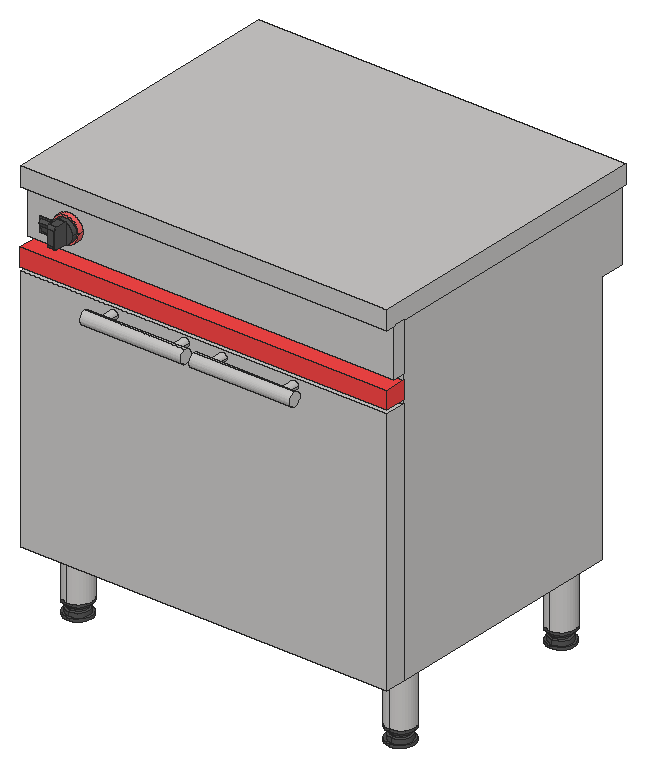
Revit family "ADB Armoire chaude CME 801 CA", category Equipement spécialisé, Revit 2022
Family settings
  Cote de connecteur circulaire = Utiliser le diamètre
  Type d'élément = Normal
  Numéro OmniClass = 23.40.40.14.17.11
  Titre OmniClass = Cookers, Ovens, Stoves
  Basée sur le plan de construction = Non
  Toujours verticalement = Oui
  Couper avec des vides une fois chargée = Non
  Conserver l'orientation des annotations = Non
  Partagée = Non
  Repère de localisation dans la pièce = Non
Parameters (values of type "CME 801 CA")
  URL catalogue = "https://www.ambassade-de-bourgogne.com/fr/produits/armoires/Resources/N42-CME_801_CA.pdf"
  URL = "https://www.ambassade-de-bourgogne.com/fr/produits/armoires/Resources/N42-CME_801_CA.pdf"
  Type de Raccord Electrique [instance] = "Bornier 40A"  # constant formula
  Type article = ""
  Tension [instance] = 230 V  # constant formula
  Spécification du Fabricant = ""
  Remarques Electricité [instance] = "230V(MONO) commutable 400V(TRI)"
  Puissance électrique = 1900 W
  Profondeur [instance] = 705 mm + if(Dosseret DSA 800, 50 mm, 0 mm)  # 705 mm
  Poids net à vide [instance] = 80.00 kg + if(Dosseret DSA 800, 1.00 kg, 0.00 kg)  # 80.00 kg
  Phase [instance] = 1  # constant formula
  Nombres de Pôles [instance] = Phase  # 1
  Modèle = "CME 801 CA"
  Longueur [instance] = 800 mm  # constant formula
  Intensité nominale [instance] = Puissance électrique / (230 V * Phase)  # 8.26087 A
  Hauteur [instance] = 900 mm + if(Dosseret DSA 800, 100 mm, 0 mm)  # 900 mm
  Fréquence [instance] = 50 Hz  # constant formula
  Fabricant = "Société Industrielle de Lacanche"  # constant formula
  Elévation par défaut = 0 mm
  Echelles ECH 808 [instance] = no
  Dosseret DSA 800 [instance] = no
  Dosseret [instance] = if(Dosseret DSA 800, 50 mm, 0 mm)  # 0 mm
  Description = "Armoire chaude"
  Connecteurs [instance] = yes
  Commentaires du type = "Gamme Ambassade - Armoire chaude"
  D = 750 mm  # constant formula
  C = 400 mm  # constant formula
Reference planes
  plane 1 "Centre (avant/arrière)": y = 0
  plane 2: z = 0
  plane 3 "Centre (gauche/droite)": x = 0
  plane 4 "gauche": x = -400
  plane 5 "droite": x = 400
  plane 6 "fond de meuble": y = 325
  plane 7 "avant": y = -325
  plane 8 "arrière": y = 325
  plane 9: z = 900
  plane 10: x = 0
  plane 11: z = 750
  plane 12: x = 350
  plane 13: z = 810
  plane 14: y = -380
Forms (mm)
  Extrusion 1, solid, material "ADB_Network_Electricity_Yellow", visible <- "Connecteurs", detail levels medium+fine
    sketch origin (400, 315, 707) x (-1, 0, 0) y (0, 0, 1)
      loop
        circle (400, 43) r 10
    from 0 to 10
  Extrusion 2, solid, detail levels coarse
    sketch origin (0, 0, 0) x (1, 0, 0) y (0, 1, 0)
      loop
        line (-400, 325) -> (-400, -380) -> (400, -380) -> (400, 325) -> (-400, 325)
    from 0 to 900 <- "Hauteur"
  Extrusion 3, solid, material "ADB_Plastic-Black", detail levels fine
    sketch origin (-19, -306, 844.8) x (-1, 0, 0) y (0, 0, -1)
      loop
        line (352.5, 39.5) -> (352.5, 71.3) -> (327.5, 71.3) -> (327.5, 39.5) -> (352.5, 39.5)
    from 0 to 2
  Extrusion 4, solid, material "ADB_Plastic-Black", detail levels fine
    sketch origin (-319, 0, 0) x (0, 1, 0) y (0, 0, 1)
      loop
        line (-308, 802.032) -> (-315.045, 796.027) -> (-309.906, 787.126) -> (-308, 777) -> (-308, 802.032)
    from -49.5 to -30.5
Dimensions and locks
  equal spacing: plane 5 "droite", plane 3 "Centre (gauche/droite)", plane 4 "gauche"
  "Longueur": plane 5 "droite" to plane 4 "gauche"
  plane 6 "fond de meuble" to plane 7 "avant" = 650 mm
  locked: plane 7 "avant" to plane 1 "Centre (avant/arrière)" at 325
  "Dosseret": plane 8 "arrière" to plane 6 "fond de meuble"
  "Hauteur": plane 9 to plane 2
  "D": plane 2 to plane 11
  "C": plane 5 "droite" to plane 10
  plane 12 to plane 5 "droite" = 50 mm
  plane 2 to plane 13 = 810 mm
  "Profondeur": plane 8 "arrière" to plane 14
  aligned and locked: level to plane 2
  aligned and locked: plane 3 "Centre (gauche/droite)" to nested 1
  aligned and locked: Extrusion 1 sketch curve to plane 10
  aligned and locked: plane 11 to Extrusion 1 sketch curve
  aligned and locked: plane 8 "arrière" to Extrusion 2
  aligned and locked: Extrusion 2 to plane 14
Automatic sketch dimensions
  Extrusion 2 sketch curve to plane 4 "gauche" = 0 mm
  Extrusion 2 sketch curve to plane 5 "droite" = 0 mm
  Extrusion 2 sketch curve to plane 7 "avant" = 55 mm
  plane 6 "fond de meuble" to Extrusion 2 sketch curve = 0 mm
  Extrusion 3 sketch curve to plane 13 = 4.7 mm
  plane 4 "gauche" to Extrusion 3 sketch curve = 53.5 mm
  Extrusion 3 sketch curve to plane 11 = 23.5 mm
  Extrusion 3 sketch curve to Extrusion 3 sketch curve = 25 mm
  plane 7 "avant" to Extrusion 4 sketch curve = 9.955 mm
  Extrusion 4 sketch curve to Extrusion 4 sketch curve = 5.139 mm
  Extrusion 4 sketch curve to Extrusion 4 sketch curve = 1.906 mm
  Extrusion 4 sketch curve to plane 11 = 27 mm
  Extrusion 4 sketch curve to Extrusion 4 sketch curve = 10.126 mm
  Extrusion 4 sketch curve to Extrusion 4 sketch curve = 8.901 mm
  Extrusion 4 sketch curve to Extrusion 4 sketch curve = 6.005 mm
  radius of Extrusion 1 sketch curve = 10 mm
Nested families
  nested 1: "Soubassement armoire" at (0, 0, 0), Dosseret <- "Dosseret DSA 800", Ech 808 <- "Echelles ECH 808", type "1 armoire", detail levels medium+fine
    with Profondeur 703 mm, Porte inversée no, Porte yes, Longueur 800 mm, Hauteur 900 mm, Encombrement Porte standard yes, Encombrement Porte inversée no, Echelle yes, Ech 808 no, Décalage poignée 395.5 mm, Dosseret no
  nested 2: "Bouton" at (-309, -306, 804.565) x (1, 0, 0) z (0, -1, 0), type "Bouton", detail levels fine
Connectors
  electrical at (0, 315, 750), driven by "Nombres de Pôles", driven by "Tension", driven by "Puissance électrique"
    settings: on Extrusion 1, index 1, voltage 230 V, apparent load 1900 VA, apparent load phase1 0 VA, apparent load phase2 0 VA, apparent load phase3 0 VA, power factor 1, load classification "Autre", number of poles 1, system type 30, power factor state 1, is connector primary yes, connector utility no, sub classification motor no, connector description ""
Definition of nested family "Soubassement armoire"
  Parameters (values of type "1 armoire")
    Profondeur produit = 650 mm
    Profondeur baie libre = if(Baie libre, Profondeur produit - 68 mm, 1 mm)  # 582 mm
    Porte inversée [instance] = no
    Longueur poignée = 229 mm  # constant formula
    Encombrement Porte inversée [instance] = and(Porte, Porte inversée)  # no
    Encombrement Porte standard [instance] = and(Porte, not(Porte inversée))  # no
    Porte [instance] = no
    Profondeur [instance] = Profondeur produit + if(Dosseret, 50 mm, 0 mm) + 53 mm  # 703 mm
    Longueur produit = 800 mm
    Longueur [instance] = Longueur produit  # 800 mm
    Hauteur produit = 900 mm
    Hauteur [instance] = Hauteur produit + if(Dosseret, 100 mm, 0 mm)  # 900 mm
    Default Elevation = 0 mm
    Echelle [instance] = yes
    Ech 808 [instance] = yes
    Décalage poignée [instance] = if(Porte inversée, Longueur, 395.5 mm)  # 395.5 mm
    Dosseret [instance] = no
    Baie libre = yes
  Reference planes
    plane 1 "Centre (avant/arrière)": y = 0
    plane 2: z = 0
    plane 3 "Centre (gauche/droite)": x = 0
    plane 4 "Gauche": x = -400
    plane 5 "Arrière": y = 325
    plane 6 "Droite": x = 400
    plane 7 "Avant": y = -325
    plane 8 "dessous meuble": z = 155
    plane 9 "Dessus de plan": z = 900
    plane 10 "Baguette coloré": z = 696
    plane 11 "dessous plan": z = 860
    plane 12 "Face": y = -280
    plane 13 "commande": z = 755
    plane 14 "dessus dosseret": z = 900
    plane 15: y = -377.967
    plane 16: y = 325.033
    plane 17 "Baguette colorë": y = -780
    plane 18: x = -4.5
    plane 19: x = -343.25
    plane 20: x = 343.25
  Forms (mm)
    Extrusion 1, solid, visible <- "Porte", detail levels medium+fine
      sketch origin (-400, 0, 0) x (0, 1, 0) y (0, 0, 1)
        loop
          line (-325, 155) -> (-280, 155) -> (-280, 696) -> (-325, 696) -> (-325, 155)
      from 0 to 800 <- "Longueur"
    Extrusion 2, solid, detail levels medium+fine
      sketch origin (-400, 0, 0) x (0, 1, 0) y (0, 0, 1)
        loop
          line (-280, 742.5) -> (-327, 742.5) -> (-327, 705) -> (-280, 705) -> (-280, 742.5)
      from 0 to 800 <- "Longueur"
    Extrusion 3, solid, detail levels medium+fine
      sketch origin (-400, 0, 0) x (0, 1, 0) y (0, 0, 1)
        loop
          line (325, 900) -> (-325, 900) -> (-325, 860) -> (325, 860) -> (325, 900)
      from 0 to 800 <- "Longueur"
    Extrusion 4, void
      sketch origin (0, -325, 0) x (-1, 0, 0) y (0, 0, 1)
        loop
          line (343.25, 679) -> (-343.25, 679) -> (-343.25, 261.5) -> (343.25, 261.5) -> (343.25, 679)
      from 0 to 582 <- "Profondeur baie libre"
    Extrusion 5, solid, detail levels medium+fine
      sketch origin (-400, 0, 0) x (0, 1, 0) y (0, 0, 1)
        loop
          line (-280, 860) -> (-306, 860) -> (-306, 755) -> (-280, 755) -> (-280, 860)
      from 0 to 800 <- "Longueur"
    Extrusion 6, solid, detail levels medium+fine
      sketch origin (-400, 0, 0) x (0, 1, 0) y (0, 0, 1)
        loop
          line (315, 860) -> (-280, 860) -> (-280, 155) -> (260, 155) -> (260, 707) -> (315, 707) -> (315, 860)
      from 0 to 800 <- "Longueur"
    Revolve 7, solid, detail levels medium+fine
      sketch origin (351.965, 0, 0) x (0, 1, 0) y (0, 0, -1)
        loop
          line (-258.968, -155) -> (-229, -155) -> (-229, 0) -> (-258.492, 0) -> (-258.492, -5) -> (-253.001, -5) -> (-253.001, -13.586) -> (-248.857, -16.488) -> (-248.857, -22) -> (-252.82, -22) -> (-258.968, -28.148) -> (-258.968, -34) -> (-258.968, -155)
        axis (-229, 0) -> (-229, -155)
      angle from 0 to 360
    Revolve 8, solid, detail levels medium+fine
      sketch origin (-351.965, 0, 0) x (0, 1, 0) y (0, 0, 1)
        loop
          line (-258.968, 155) -> (-258.968, 34) -> (-258.968, 28.148) -> (-252.82, 22) -> (-248.857, 22) -> (-248.857, 16.488) -> (-253.001, 13.586) -> (-253.001, 5) -> (-258.492, 5) -> (-258.492, 0) -> (-229, 0) -> (-229, 155) -> (-258.968, 155)
        axis (-229, 0) -> (-229, 155)
      angle from 0 to 360
    Revolve 9, solid, detail levels medium+fine
      sketch origin (-351.965, -20, 0) x (0, -1, 0) y (0, 0, -1)
        loop
          line (-258.968, -155) -> (-229, -155) -> (-229, 0) -> (-258.492, 0) -> (-258.492, -5) -> (-253.001, -5) -> (-253.001, -13.586) -> (-248.857, -16.488) -> (-248.857, -22) -> (-252.82, -22) -> (-258.968, -28.148) -> (-258.968, -34) -> (-258.968, -155)
        axis (-229, 0) -> (-229, -155)
      angle from 0 to 360
    Extrusion 10, solid, visible <- "Dosseret", detail levels medium+fine
      sketch origin (-400, 0, 0) x (0, 1, 0) y (0, 0, 1)
        loop
          line (375.033, 1000) -> (325, 1000) -> (325, 860) -> (375.033, 860) -> (375.033, 1000)
      from 0 to 800 <- "Longueur"
    Revolve 11, solid, detail levels medium+fine
      sketch origin (351.965, -20, 0) x (0, -1, 0) y (0, 0, 1)
        loop
          line (-258.968, 155) -> (-258.968, 34) -> (-258.968, 28.148) -> (-252.82, 22) -> (-248.857, 22) -> (-248.857, 16.488) -> (-253.001, 13.586) -> (-253.001, 5) -> (-258.492, 5) -> (-258.492, 0) -> (-229, 0) -> (-229, 155) -> (-258.968, 155)
        axis (-229, 0) -> (-229, 155)
      angle from 0 to 360
    Extrusion 12, void
      sketch origin (0, 0, 900) x (0, -1, 0) y (1, 0, 0)
        loop
          line (-307.033, -366.567) -> (-293.033, -366.567) -> (-293.033, 366.464) -> (-307.033, 366.464) -> (-307.033, -366.567)
      from 0 to -0.8
    Extrusion 13, solid, detail levels medium+fine
      sketch origin (-400, 260, 155) x (0, 0, 1) y (1, 0, 0)
        loop
          line (65, 654) -> (65, 146) -> (552, 146) -> (552, 654) -> (65, 654)
      from 0 to 35
    Extrusion 14, solid, visible <- "Echelle", detail levels medium+fine
      sketch origin (22.75, 0, 0) x (1, 0, 0) y (0, 0, 1)
        loop
          line (-366, 648.8) -> (-366, 623.8) -> (-356.5, 623.8) -> (-356.5, 625) -> (-364.8, 625) -> (-364.8, 647.6) -> (-348, 647.6) -> (-348, 648.8) -> (-366, 648.8)
        loop
          line (-366, 548.8) -> (-366, 523.8) -> (-356.5, 523.8) -> (-356.5, 525) -> (-364.8, 525) -> (-364.8, 547.6) -> (-348, 547.6) -> (-348, 548.8) -> (-366, 548.8)
        loop
          line (-366, 448.8) -> (-366, 423.8) -> (-356.5, 423.8) -> (-356.5, 425) -> (-364.8, 425) -> (-364.8, 447.6) -> (-348, 447.6) -> (-348, 448.8) -> (-366, 448.8)
        loop
          line (-366, 348.8) -> (-366, 323.8) -> (-356.5, 323.8) -> (-356.5, 325) -> (-364.8, 325) -> (-364.8, 347.6) -> (-348, 347.6) -> (-348, 348.8) -> (-366, 348.8)
      from -113.466 to 206.5
    Extrusion 15, solid, visible <- "Echelle", detail levels medium+fine
      sketch origin (-22.75, 0, 0) x (-1, 0, 0) y (0, 0, -1)
        loop
          line (-366, -648.8) -> (-348, -648.8) -> (-348, -647.6) -> (-364.8, -647.6) -> (-364.8, -625) -> (-356.5, -625) -> (-356.5, -623.8) -> (-366, -623.8) -> (-366, -648.8)
        loop
          line (-366, -548.8) -> (-348, -548.8) -> (-348, -547.6) -> (-364.8, -547.6) -> (-364.8, -525) -> (-356.5, -525) -> (-356.5, -523.8) -> (-366, -523.8) -> (-366, -548.8)
        loop
          line (-366, -448.8) -> (-348, -448.8) -> (-348, -447.6) -> (-364.8, -447.6) -> (-364.8, -425) -> (-356.5, -425) -> (-356.5, -423.8) -> (-366, -423.8) -> (-366, -448.8)
        loop
          line (-366, -348.8) -> (-348, -348.8) -> (-348, -347.6) -> (-364.8, -347.6) -> (-364.8, -325) -> (-356.5, -325) -> (-356.5, -323.8) -> (-366, -323.8) -> (-366, -348.8)
      from -113.466 to 206.5
    Extrusion 16, solid, visible <- "Ech 808", detail levels medium+fine
      sketch origin (-400, -327, 742.5) x (0, 0, -1) y (1, 0, 0)
        loop
          line (63.5, 385.5) -> (481, 385.5) -> (481, 414.5) -> (63.5, 414.5) -> (63.5, 385.5)
      from -67 to -47
    Extrusion 17, solid, visible <- "Ech 808", detail levels medium+fine
      sketch origin (-380.9, 0, 0) x (-1, 0, 0) y (0, 0, -1)
        loop
          line (-366, -648.8) -> (-348, -648.8) -> (-348, -647.6) -> (-364.8, -647.6) -> (-364.8, -625) -> (-356.5, -625) -> (-356.5, -623.8) -> (-366, -623.8) -> (-366, -648.8)
        loop
          line (-366, -548.8) -> (-348, -548.8) -> (-348, -547.6) -> (-364.8, -547.6) -> (-364.8, -525) -> (-356.5, -525) -> (-356.5, -523.8) -> (-366, -523.8) -> (-366, -548.8)
        loop
          line (-366, -448.8) -> (-348, -448.8) -> (-348, -447.6) -> (-364.8, -447.6) -> (-364.8, -425) -> (-356.5, -425) -> (-356.5, -423.8) -> (-366, -423.8) -> (-366, -448.8)
        loop
          line (-366, -348.8) -> (-348, -348.8) -> (-348, -347.6) -> (-364.8, -347.6) -> (-364.8, -325) -> (-356.5, -325) -> (-356.5, -323.8) -> (-366, -323.8) -> (-366, -348.8)
      from -237 to 260
    Extrusion 18, solid, visible <- "Ech 808", detail levels medium+fine
      sketch origin (380.9, 0, 0) x (1, 0, 0) y (0, 0, 1)
        loop
          line (-366, 648.8) -> (-366, 623.8) -> (-356.5, 623.8) -> (-356.5, 625) -> (-364.8, 625) -> (-364.8, 647.6) -> (-348, 647.6) -> (-348, 648.8) -> (-366, 648.8)
        loop
          line (-366, 548.8) -> (-366, 523.8) -> (-356.5, 523.8) -> (-356.5, 525) -> (-364.8, 525) -> (-364.8, 547.6) -> (-348, 547.6) -> (-348, 548.8) -> (-366, 548.8)
        loop
          line (-366, 448.8) -> (-366, 423.8) -> (-356.5, 423.8) -> (-356.5, 425) -> (-364.8, 425) -> (-364.8, 447.6) -> (-348, 447.6) -> (-348, 448.8) -> (-366, 448.8)
        loop
          line (-366, 348.8) -> (-366, 323.8) -> (-356.5, 323.8) -> (-356.5, 325) -> (-364.8, 325) -> (-364.8, 347.6) -> (-348, 347.6) -> (-348, 348.8) -> (-366, 348.8)
      from -237 to 260
    Extrusion 19, solid, visible <- "Ech 808", detail levels medium+fine
      sketch origin (-400, 190, 742.5) x (0, 0, -1) y (1, 0, 0)
        loop
          line (63.5, 385.5) -> (481, 385.5) -> (481, 414.5) -> (63.5, 414.5) -> (63.5, 385.5)
      from -67 to -47
  Cuts and joins
    Extrusion 12 cuts Extrusion 10
    Extrusion 4 cuts Extrusion 6
  Lines and regions (mm)
    symbolic lines, visible <- "Porte"
      curve 1: line (400, -280, 155) -> (400, -680, 155)
      curve 2: line (-400, -280, 155) -> (-400, -680, 155)
      curve 3: arc (0, -280, 155) -> (-117.157, -562.843, 155) -> (-400, -680, 155) r 400
      curve 4: arc (0, -280, 155) -> (117.157, -562.843, 155) -> (400, -680, 155) r 400
    model lines, visible <- "Porte"
      curve 5: line (0, -325, 705) -> (0, -325, 155)
  Dimensions and locks
    equal spacing: plane 7 "Avant", plane 1 "Centre (avant/arrière)", plane 5 "Arrière"
    "Profondeur produit": plane 5 "Arrière" to plane 7 "Avant"
    equal spacing: plane 4 "Gauche", plane 3 "Centre (gauche/droite)", plane 6 "Droite"
    "Longueur produit": plane 4 "Gauche" to plane 6 "Droite"
    "Hauteur produit": plane 9 "Dessus de plan" to plane 2
    locked: plane 8 "dessous meuble" to plane 2 at 155
    locked: plane 9 "Dessus de plan" to plane 11 "dessous plan" at 40
    locked: plane 7 "Avant" to plane 12 "Face" at 45
    locked: plane 13 "commande" to plane 10 "Baguette coloré" at 59
    locked: plane 11 "dessous plan" to plane 13 "commande" at 105
    Extrusion 4 sketch curve to plane 8 "dessous meuble" = 106.5 mm
    Extrusion 4 sketch curve to plane 6 "Droite" = 56.75 mm
    Extrusion 4 sketch curve to plane 4 "Gauche" = 56.75 mm
    plane 10 "Baguette coloré" to Extrusion 4 sketch curve = 17 mm
    "Hauteur": plane 14 "dessus dosseret" to plane 2
    locked: plane 7 "Avant" to plane 15 at 52.967
    "Profondeur": plane 15 to plane 16
    equal spacing: Extrusion 13 sketch curve, plane 3 "Centre (gauche/droite)", Extrusion 13 sketch curve
    "Décalage poignée": plane 18 to plane 4 "Gauche"
    locked: plane 4 "Gauche" to Revolve 9 at 18.067
    locked: Revolve 11 to plane 6 "Droite" at 18.067
    locked: Revolve 7 to plane 6 "Droite" at 18.067
    locked: plane 4 "Gauche" to Revolve 8 at 18.067
    locked: Revolve 8 to plane 12 "Face" at 21.032
    locked: Revolve 7 to plane 12 "Face" at 21.032
    locked: plane 5 "Arrière" to Extrusion 10 sketch curve at 50.033
    plane 16 to Extrusion 12 sketch curve to Extrusion 12 sketch curve = 18 mm locked, 14 mm locked
    aligned and locked: level to plane 2
    aligned and locked: plane 18 to nested 1
    aligned and locked: Extrusion 18 sketch curve to Extrusion 18 sketch curve
  Automatic sketch dimensions
    Extrusion 1 sketch curve to plane 7 "Avant" = 0 mm
    Extrusion 1 sketch curve to plane 10 "Baguette coloré" = 0 mm
    Extrusion 1 sketch curve to plane 12 "Face" = 0 mm
    Extrusion 1 sketch curve to plane 8 "dessous meuble" = 0 mm
    Extrusion 2 sketch curve to plane 12 "Face" = 0 mm
    Extrusion 2 sketch curve to plane 7 "Avant" = 2 mm
    plane 10 "Baguette coloré" to Extrusion 2 sketch curve = 9 mm
    Extrusion 2 sketch curve to plane 13 "commande" = 12.5 mm
    Extrusion 3 sketch curve to plane 7 "Avant" = 0 mm
    Extrusion 3 sketch curve to plane 5 "Arrière" = 0 mm
    Extrusion 3 sketch curve to plane 11 "dessous plan" = 0 mm
    Extrusion 3 sketch curve to plane 9 "Dessus de plan" = 0 mm
    Extrusion 5 sketch curve to plane 11 "dessous plan" = 0 mm
    Extrusion 5 sketch curve to plane 13 "commande" = 0 mm
    Extrusion 5 sketch curve to plane 12 "Face" = 0 mm
    plane 7 "Avant" to Extrusion 5 sketch curve = 19 mm
    Extrusion 6 sketch curve to plane 11 "dessous plan" = 0 mm
    Extrusion 6 sketch curve to plane 12 "Face" = 0 mm
    Extrusion 6 sketch curve to plane 8 "dessous meuble" = 0 mm
    Extrusion 6 sketch curve to plane 5 "Arrière" = 65 mm
    Extrusion 6 sketch curve to plane 5 "Arrière" = 10 mm
    plane 10 "Baguette coloré" to Extrusion 6 sketch curve = 11 mm
    Revolve 7 sketch curve to plane 8 "dessous meuble" = 0 mm
    Revolve 7 sketch curve to level = 0 mm
    plane 12 "Face" to Revolve 7 sketch curve = 21.032 mm
    plane 12 "Face" to Revolve 7 sketch curve = 21.508 mm
    Revolve 7 sketch curve to Revolve 7 sketch curve = 5.491 mm
    Revolve 7 sketch curve to Revolve 7 sketch curve = 0.181 mm
    Revolve 7 sketch curve to Revolve 7 sketch curve = 3.964 mm
    Revolve 7 sketch curve to Revolve 7 sketch curve = 24.001 mm
    level to Revolve 7 sketch curve = 34 mm
    Revolve 7 sketch curve to Revolve 7 sketch curve = 5.852 mm
    Revolve 7 sketch curve to Revolve 7 sketch curve = 6.148 mm
    Revolve 7 sketch curve to Revolve 7 sketch curve = 5.512 mm
    Revolve 7 sketch curve to Revolve 7 sketch curve = 2.902 mm
    level to Revolve 7 sketch curve = 5 mm
    Revolve 7 sketch curve to Revolve 7 sketch curve = 0 mm
    plane 8 "dessous meuble" to Revolve 7 sketch curve = 19 mm
    Revolve 7 sketch curve to Revolve 7 sketch curve = 12 mm
    Revolve 8 sketch curve to plane 8 "dessous meuble" = 0 mm
    Revolve 8 sketch curve to level = 0 mm
    plane 12 "Face" to Revolve 8 sketch curve = 21.032 mm
    plane 12 "Face" to Revolve 8 sketch curve = 21.508 mm
    Revolve 8 sketch curve to Revolve 8 sketch curve = 5.491 mm
    Revolve 8 sketch curve to Revolve 8 sketch curve = 0.181 mm
    Revolve 8 sketch curve to Revolve 8 sketch curve = 3.964 mm
    Revolve 8 sketch curve to Revolve 8 sketch curve = 24.001 mm
    level to Revolve 8 sketch curve = 5 mm
    Revolve 8 sketch curve to Revolve 8 sketch curve = 8.586 mm
    Revolve 8 sketch curve to Revolve 8 sketch curve = 2.902 mm
    Revolve 8 sketch curve to Revolve 8 sketch curve = 5.512 mm
    Revolve 8 sketch curve to Revolve 8 sketch curve = 6.148 mm
    Revolve 8 sketch curve to Revolve 8 sketch curve = 5.852 mm
    Revolve 8 sketch curve to Revolve 8 sketch curve = 0 mm
    Revolve 8 sketch curve to Revolve 8 sketch curve = 12 mm
    plane 8 "dessous meuble" to Revolve 8 sketch curve = 19 mm
    Revolve 9 sketch curve to plane 8 "dessous meuble" = 0 mm
    Revolve 9 sketch curve to level = 0 mm
    level to Revolve 9 sketch curve = 28.148 mm
    Revolve 9 sketch curve to plane 5 "Arrière" = 86.032 mm
    Revolve 9 sketch curve to Revolve 9 sketch curve = 0.477 mm
    level to Revolve 9 sketch curve = 13.586 mm
    Revolve 9 sketch curve to Revolve 9 sketch curve = 5.491 mm
    Revolve 9 sketch curve to Revolve 9 sketch curve = 0.181 mm
    Revolve 9 sketch curve to Revolve 9 sketch curve = 3.964 mm
    Revolve 9 sketch curve to Revolve 9 sketch curve = 24.001 mm
    Revolve 9 sketch curve to Revolve 9 sketch curve = 5.852 mm
    Revolve 9 sketch curve to Revolve 9 sketch curve = 8.414 mm
    Revolve 9 sketch curve to Revolve 9 sketch curve = 2.902 mm
    level to Revolve 9 sketch curve = 5 mm
    Revolve 9 sketch curve to Revolve 9 sketch curve = 0 mm
    plane 8 "dessous meuble" to Revolve 9 sketch curve = 19 mm
    Revolve 9 sketch curve to Revolve 9 sketch curve = 12 mm
    Extrusion 10 sketch curve to plane 5 "Arrière" = 0 mm
    Extrusion 10 sketch curve to plane 11 "dessous plan" = 0 mm
    plane 9 "Dessus de plan" to Extrusion 10 sketch curve = 100 mm
    curve 1 to plane 6 "Droite" = 0 mm
    plane 6 "Droite" to curve 3 = 400 mm
    curve 3 to plane 4 "Gauche" = 0 mm
    plane 4 "Gauche" to curve 4 = 400 mm
    curve 1 to plane 12 "Face" = 0 mm
    curve 4 to plane 12 "Face" = 0 mm
    curve 2 to plane 12 "Face" = 0 mm
    curve 3 to plane 12 "Face" = 0 mm
    Revolve 11 sketch curve to plane 8 "dessous meuble" = 0 mm
    Revolve 11 sketch curve to level = 0 mm
    level to Revolve 11 sketch curve = 28.148 mm
    Revolve 11 sketch curve to plane 5 "Arrière" = 86.032 mm
    Revolve 11 sketch curve to Revolve 11 sketch curve = 0.477 mm
    level to Revolve 11 sketch curve = 13.586 mm
    Revolve 11 sketch curve to Revolve 11 sketch curve = 5.491 mm
    Revolve 11 sketch curve to Revolve 11 sketch curve = 0.181 mm
    Revolve 11 sketch curve to Revolve 11 sketch curve = 3.964 mm
    Revolve 11 sketch curve to Revolve 11 sketch curve = 24.001 mm
    level to Revolve 11 sketch curve = 5 mm
    Revolve 11 sketch curve to Revolve 11 sketch curve = 2.902 mm
    Revolve 11 sketch curve to Revolve 11 sketch curve = 5.512 mm
    Revolve 11 sketch curve to Revolve 11 sketch curve = 5.852 mm
    Revolve 11 sketch curve to Revolve 11 sketch curve = 0 mm
    Revolve 11 sketch curve to Revolve 11 sketch curve = 12 mm
    plane 8 "dessous meuble" to Revolve 11 sketch curve = 19 mm
    Extrusion 13 sketch curve to Extrusion 6 = 0 mm
    Extrusion 6 to Extrusion 13 sketch curve = 65 mm
    Extrusion 6 to Extrusion 13 sketch curve = 146 mm
    Extrusion 14 sketch curve to Extrusion 14 sketch curve = 8.3 mm  (x4)
    Extrusion 14 sketch curve to Extrusion 14 sketch curve = 16.8 mm  (x4)
    plane 8 "dessous meuble" to Extrusion 14 sketch curve = 168.8 mm
    Extrusion 14 sketch curve to Extrusion 14 sketch curve = 1.2 mm  (x12)
    Extrusion 14 sketch curve to Extrusion 14 sketch curve = 22.6 mm  (x4)
    Extrusion 14 sketch curve to Extrusion 14 sketch curve = 75 mm  (x2)
    Extrusion 14 sketch curve to plane 10 "Baguette coloré" = 72.2 mm
    Extrusion 15 sketch curve to Extrusion 15 sketch curve = 8.3 mm  (x4)
    Extrusion 15 sketch curve to Extrusion 15 sketch curve = 16.8 mm  (x4)
    Extrusion 15 sketch curve to plane 10 "Baguette coloré" = 47.2 mm
    Extrusion 15 sketch curve to Extrusion 15 sketch curve = 1.2 mm  (x12)
    Extrusion 15 sketch curve to Extrusion 15 sketch curve = 22.6 mm  (x4)
    Extrusion 15 sketch curve to Extrusion 15 sketch curve = 75 mm  (x3)
    curve 5 to plane 3 "Centre (gauche/droite)" = 0 mm
    curve 5 to plane 8 "dessous meuble" = 0 mm
    plane 10 "Baguette coloré" to curve 5 = 9 mm
    Extrusion 2 to Extrusion 16 sketch curve = 26 mm
    Extrusion 17 sketch curve to plane 3 "Centre (gauche/droite)" = 14.9 mm  (x4)
    Extrusion 17 sketch curve to plane 3 "Centre (gauche/droite)" = 16.1 mm  (x4)
    Extrusion 17 sketch curve to plane 18 = 19.9 mm  (x4)
    Extrusion 17 sketch curve to plane 18 = 28.4 mm  (x4)
    Extrusion 17 sketch curve to plane 10 "Baguette coloré" = 47.2 mm
    Extrusion 17 sketch curve to Extrusion 17 sketch curve = 1.2 mm  (x8)
    Extrusion 17 sketch curve to Extrusion 17 sketch curve = 22.6 mm  (x4)
    Extrusion 17 sketch curve to Extrusion 17 sketch curve = 75 mm  (x3)
    plane 3 "Centre (gauche/droite)" to Extrusion 18 sketch curve = 14.9 mm  (x4)
    plane 3 "Centre (gauche/droite)" to Extrusion 18 sketch curve = 16.1 mm  (x4)
    Extrusion 18 sketch curve to Extrusion 18 sketch curve = 8.3 mm  (x4)
    Extrusion 18 sketch curve to Extrusion 18 sketch curve = 16.8 mm  (x3)
    plane 8 "dessous meuble" to Extrusion 18 sketch curve = 168.8 mm
    Extrusion 18 sketch curve to Extrusion 18 sketch curve = 1.2 mm  (x8)
    Extrusion 18 sketch curve to Extrusion 18 sketch curve = 22.6 mm  (x4)
    Extrusion 18 sketch curve to Extrusion 18 sketch curve = 75 mm  (x2)
    Extrusion 18 sketch curve to plane 10 "Baguette coloré" = 72.2 mm
    Extrusion 16 sketch curve to Extrusion 16 sketch curve = 417.5 mm
    Extrusion 16 sketch curve to Extrusion 16 sketch curve = 29 mm
    Extrusion 19 sketch curve to plane 10 "Baguette coloré" = 17 mm
    plane 8 "dessous meuble" to Extrusion 19 sketch curve = 106.5 mm
    plane 4 "Gauche" to Extrusion 12 sketch curve = 33.433 mm
    plane 4 "Gauche" to Extrusion 14 sketch curve = 56.75 mm  (x4)
    plane 6 "Droite" to Extrusion 12 sketch curve = 33.536 mm
    plane 6 "Droite" to Extrusion 15 sketch curve = 56.75 mm  (x4)
    Extrusion 2 to Extrusion 16 sketch curve = 385.5 mm
    Extrusion 19 sketch curve to plane 18 = 10 mm
    plane 3 "Centre (gauche/droite)" to Extrusion 19 sketch curve = 14.5 mm
  Nested families
    nested 1: "Poignée" at (-119, -325, 681.933) x (1, 0, 0) z (0, -1, 0), visible <- "Porte", Longueur <- "Longueur poignée", type "Poignée", detail levels fine
      with Longueur 229 mm
    nested 2: "Poignée" at (119, -325, 681.933) x (-1, 0, 0) z (0, -1, 0), visible <- "Porte", Longueur <- "Longueur poignée", type "Poignée", detail levels fine
      with Longueur 229 mm
  Definition of nested family "Poignée"
    Parameters (values of type "Poignée")
      Longueur [instance] = 800 mm
      Default Elevation = 1219.2 mm
    Reference planes
      plane 1 "Centre (avant/arrière)": y = 0
      plane 2: z = 0
      plane 3 "Centre (gauche/droite)": x = 0
      plane 4: x = -400
      plane 5: x = 400
      plane 6: x = -395
      plane 7: x = 395
    Forms (mm)
      Extrusion 1, solid
        sketch origin (0, 0, 0) x (1, 0, 0) y (0, 1, 0)
          loop
            line (-1219.2, 1219.2) -> (-1219.2, -1219.2) -> (1219.2, -1219.2) -> (1219.2, 1219.2) -> (-1219.2, 1219.2)
        from 0 to -304.8
      Extrusion 2, solid
        sketch origin (0, 0, 0) x (0, 1, 0) y (0, 0, 1)
          loop
            circle (0, 38.995) r 13.972
        from -395 to 395
      Extrusion 3, solid
        sketch origin (0, 0, 0) x (1, 0, 0) y (0, 1, 0)
          loop
            circle (-363.542, 0) r 8.5
          loop
            circle (363.453, 0) r 8.5
        from 0 to 37.089
    Cuts and joins
      joined: Extrusion 2, Extrusion 3
    Dimensions and locks
      equal spacing: plane 4, plane 3 "Centre (gauche/droite)", plane 5
      "Longueur": plane 4 to plane 5
      locked: plane 4 to plane 6 at 5
      locked: plane 7 to plane 5 at 5
      locked: plane 6 to Extrusion 3 sketch curve at 31.458
      locked: Extrusion 3 sketch curve to plane 7 at 31.547
      aligned and locked: plane 2 to Extrusion 1
      aligned and locked: level to Extrusion 1
      aligned and locked: plane 6 to Extrusion 2
      aligned and locked: Extrusion 2 to plane 7
      aligned and locked: plane 1 "Centre (avant/arrière)" to Extrusion 3 sketch curve
    Automatic sketch dimensions
      Extrusion 1 sketch curve to Extrusion 1 sketch curve = 2438.4 mm  (x2)
      Extrusion 2 sketch curve to plane 1 "Centre (avant/arrière)" = 0 mm
      level to Extrusion 2 sketch curve = 38.995 mm
      plane 1 "Centre (avant/arrière)" to Extrusion 3 sketch curve = 0 mm
      radius of Extrusion 2 sketch curve = 13.972 mm
      radius of Extrusion 3 sketch curve = 8.5 mm  (x2)
Definition of nested family "Bouton"
  Parameters (values of type "Bouton")
    Matériau base bouton = none
    Default Elevation = 1219.2 mm
  Reference planes
    plane 1 "Centre (avant/arrière)": y = 0
    plane 2: z = 0
    plane 3 "Centre (gauche/droite)": x = 0
  Forms (mm)
    Extrusion 1, solid
      sketch origin (0, 0, 0) x (1, 0, 0) y (0, 1, 0)
        loop
          line (-1219.2, 1219.2) -> (-1219.2, -1219.2) -> (1219.2, -1219.2) -> (1219.2, 1219.2) -> (-1219.2, 1219.2)
      from 0 to -304.8
    Extrusion 2, solid, material <- "Matériau base bouton", detail levels fine
      sketch origin (0, 0, 0) x (1, 0, 0) y (0, 1, 0)
        loop
          circle (0, 0) r 28.5
      from 0 to 11.5
    Extrusion 3, solid, detail levels fine
      sketch origin (0, 0, 0) x (1, 0, 0) y (0, 1, 0)
        loop
          circle (0, 0) r 24.1
      from 11.5 to 20.5
    Extrusion 4, solid, detail levels fine
      sketch origin (0, 0, 0) x (1, 0, 0) y (0, 0, 1)
        loop
          line (-8.082, 20.5) -> (8.082, 20.5) -> (7.58, 49.253)
          arc (7.58, 49.253) -> (6.684, 51.34) -> (4.581, 52.2) r 3
          line (4.581, 52.2) -> (-4.581, 52.2)
          arc (-4.581, 52.2) -> (-6.684, 51.34) -> (-7.58, 49.253) r 3
          line (-7.58, 49.253) -> (-8.082, 20.5)
      from -22.082 to 22.162
    Extrusion 5, void
      sketch origin (0, 0, 0) x (0, 1, 0) y (0, 0, 1)
        loop
          line (-15.762, 50.701) -> (15.682, 50.701)
          arc (15.682, 50.701) -> (20.208, 48.826) -> (22.082, 44.301) r 6.4
          line (22.082, 44.301) -> (22.082, 41.701) -> (24.232, 41.701) -> (24.232, 54.688) -> (-24.768, 54.688) -> (-24.768, 41.701) -> (-22.162, 41.701) -> (-22.162, 44.301)
          arc (-22.162, 44.301) -> (-20.287, 48.826) -> (-15.762, 50.701) r 6.4
      from -15.908 to 13.709
  Cuts and joins
    Extrusion 5 cuts Extrusion 4
  Lines and regions (mm)
    symbolic lines, detail levels fine
      curve 1: line (0, -28.5, 0) -> (0, 28.5, 0)
  Dimensions and locks
    aligned and locked: plane 2 to Extrusion 1
    aligned and locked: level to Extrusion 1
